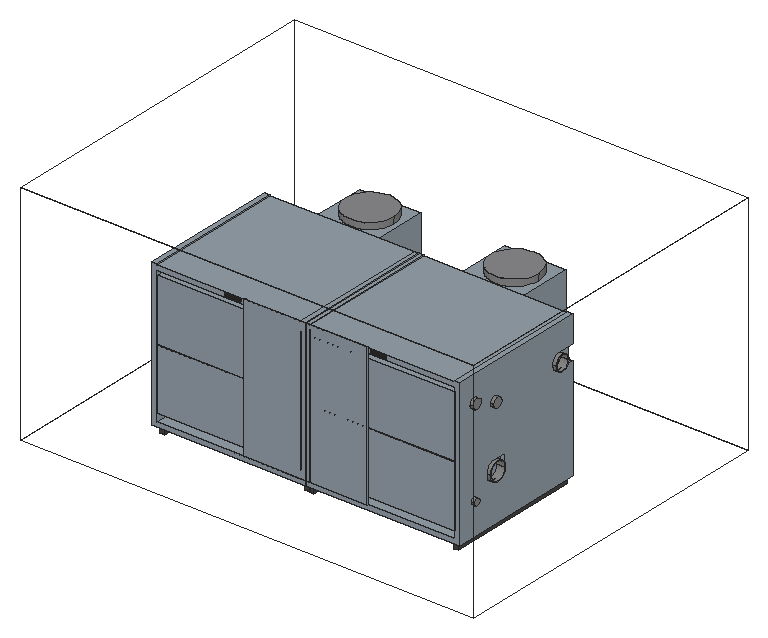
Revit family "Boiler-Weil-McLain-LGB14_20", category Mechanical Equipment, Revit 2019
Family settings
  Round Connector Dimension = Use Radius
  Part Type = Normal
  OmniClass Number = 23.75.10.11.14.11
  OmniClass Title = Cast-Iron Boilers
  Work Plane-Based = No
  Always vertical = Yes
  Cut with Voids When Loaded = No
  Shared = No
  Room Calculation Point = No
Parameters (values of type "LGB-20 - Steam Boiler")
  Width = 8' - 5"
  Voltage = 120 V
  Unit Length = Width / 2  # 4' - 2 1/2"
  URL = "http://www.weil-mclain.com/en/weil-mclain/"
  Supply = 0' 6"  # 6"
  Steam Supply Radius = Supply / 2  # 3"
  Steam Return Radius = Return / 2  # 2 1/2"
  Right Draft Hood Outlet Radius = Right Draft Hood Outlet / 2  # 8"
  Right Draft Hood Outlet = 16"
  Return = 0' 5"  # 5"
  Power Factor = 1
  Radius 2 = 0' - 7"
  Radius 1 = 0' - 7"
  Product Page URL = "http://www.weil-mclain.com/en/weil-mclain/pd-lgb-commercial-gas-boiler/"
  Product Name = "LGB"  # constant formula
  Product Documentation Link = "http://www.weil-mclain.com/en/assets/pdf/lgb_lit.pdf"
  Phase = 1
  Optional WFFP Control Panel = no
  Number of Poles = 1
  Net IBR = 1740000.0 Btu/h
  Model = "LGB-20"
  Middle Panel = 0' - 5 1/2"
  Material = ""
  Manufacturer = "Weil-McLain"  # constant formula
  Length = 3' - 10 1/2"  # constant formula
  Left Draft Hood Outlet Radius = Left Draft Hood Outlet / 2  # 8"
  Left Draft Hood Outlet = 16"
  Height = 4' - 2 3/8"  # constant formula
  Gross IBR = 2001000.0 Btu/h
  Gas Net IBR = 2470000.0 Btu/h
  Gas Connection Size = 2"
  Gas Connection Radius = Gas Connection Size / 2  # 1"
  Frequency = 60 Hz
  Distance Between Vents = 3' - 11 1/2"
  Description = "LGB Commercial Gas Boiler"  # constant formula
  Clearance [instance] = yes
  Casing = Metal - Weil-McLain - Paint Grey
  Boiler Horsepower = 59.8
  Apparent Load = 0 VA
Types (8): name | Width | Unit Length | Right Draft Hood Outlet Radius | Right Draft Hood Outlet | Net IBR | Model | Left Draft Hood Outlet Radius | Left Draft Hood Outlet | Gross IBR | Gas Net IBR | Distance Between Vents | Boiler Horsepower
  LGB-14 - Water Boiler | 5' - 11" | 2' - 11 1/2" | 7" | 14" | 1190000.0 Btu/h | "LGB-14" | 6" | 12" | 1369000.0 Btu/h | 1690000.0 Btu/h | 2' - 8 1/2" | 40.9
  LGB-16 - Water Boiler | 6' - 9" | 3' - 4 1/2" | 7" | 14" | 1373000.0 Btu/h | "LGB-16" | 7" | 14" | 1580000.0 Btu/h | 1950000.0 Btu/h | 3' - 1 1/2" | 47.2
  LGB-18 - Water Boiler | 7' - 7" | 3' - 9 1/2" | 8" | 16" | 1557000.0 Btu/h | "LGB-18" | 8" | 16" | 1790000.0 Btu/h | 2210000.0 Btu/h | 3' - 6" | 53.5
  LGB-20 - Water Boiler | 8' - 5" | 4' - 2 1/2" | 8" | 16" | 1740000.0 Btu/h | "LGB-20" | 8" | 16" | 2001000.0 Btu/h | 2470000.0 Btu/h | 3' - 11 1/2" | 59.8
  LGB-14 - Steam Boiler | 5' - 11" | 2' - 11 1/2" | 7" | 14" | 1190000.0 Btu/h | "LGB-14" | 6" | 12" | 1369000.0 Btu/h | 1690000.0 Btu/h | 2' - 8 1/2" | 40.9
  LGB-16 - Steam Boiler | 6' - 9" | 3' - 4 1/2" | 7" | 14" | 1373000.0 Btu/h | "LGB-16" | 7" | 14" | 1580000.0 Btu/h | 1950000.0 Btu/h | 3' - 1 1/2" | 47.2
  LGB-18 - Steam Boiler | 7' - 7" | 3' - 9 1/2" | 8" | 16" | 1557000.0 Btu/h | "LGB-18" | 7" | 14" | 1790000.0 Btu/h | 2210000.0 Btu/h | 3' - 6" | 53.5
  LGB-20 - Steam Boiler | 8' - 5" | 4' - 2 1/2" | 8" | 16" | 1740000.0 Btu/h | "LGB-20" | 8" | 16" | 2001000.0 Btu/h | 2470000.0 Btu/h | 3' - 11 1/2" | 59.8
Reference planes (in)
  plane 1 "Center (Front/Back)": y = 0
  plane 2: z = 0
  plane 3 "Center (Left/Right)": x = 0
  plane 4 "Back": y = 23.25
  plane 5 "Front": y = -23.25
  plane 6: z = 50.375
  plane 7: z = 2.5
  plane 8: y = 41.25
  plane 9: z = 49.375
  plane 10: y = 32.75
  plane 11: z = 51.375
  plane 12: z = 33.5
  plane 13: z = 6.5
  plane 14: z = 48.75
  plane 15: z = 47.125
  plane 16: y = -17.6875
  plane 17: z = 42.25
  plane 18: z = 13.375
  plane 19: y = -9.25
  plane 20: y = 17.25
  plane 21: z = 18.75
  plane 22: z = 38.9375
  plane 23: z = 33.4375
  plane 24: y = -21.75
  plane 25: y = 22.5
  plane 26: y = 32.75
  plane 27: y = -23.3125
  plane 28: x = -23.75
  plane 29: x = 23.75
  plane 30: x = -50.5
  plane 31: x = 50.5
  plane 32: x = 49
  plane 33: x = 51.875
  plane 34: x = -51.875
  plane 35: x = -49
  plane 36: y = -6.25
  plane 37: y = 19.75
  plane 38: y = 19.75
  plane 39: y = -6.25
Forms (in)
  Extrusion 1, solid, material "Metal - Weil-McLain - Paint Grey" <- "Casing"
    sketch origin (-10.5, 0, 0) x (1, 0, 0) y (0, 1, 0)
      loop
        line (-23.25, 23.25) -> (-3.25, 23.25) -> (-3.25, 41.25) -> (-23.25, 41.25) -> (-23.25, 23.25)
      loop
        line (24.25, 23.25) -> (44.25, 23.25) -> (44.25, 41.25) -> (24.25, 41.25) -> (24.25, 23.25)
    from 33.5 to 49.375
  Extrusion 2, solid, material "Metal - Weil-Mclain - Sheet Metal"
    sketch origin (-12.5589, 0, 0) x (1, 0, 0) y (0, 1, 0)
      loop
        circle (-11.1911, 32.75) r 8
    from 49.375 to 51.375
  Sweep 3, solid, material "Metal - Weil-McLain - Paint Grey" <- "Casing"
    path origin (-10.5, 0, 0) x (1, 0, 0) y (0, 1, 0)
      loop
        line (-14.75, -23.25) -> (-14.75, 23.25)
    profile origin (-25.25, 0, 0) x (-1, 0, 0) y (0, 0, 1)
      loop
        line (25.25, 50.375) -> (23.75, 50.375) -> (23.75, 50.125) -> (-23.75, 50.125) -> (-23.75, 50.375) -> (-25.25, 50.375) -> (-25.25, 2.5) -> (25.25, 2.5) -> (25.25, 50.375)
      loop
        line (-23.75, 4) -> (23.75, 4) -> (23.75, 48.75) -> (-23.75, 48.75) -> (-23.75, 4)
  Extrusion 4, solid, material "Metal - Weil-McLain - Paint Grey" <- "Casing"
    sketch origin (-10.5, 0, 0) x (1, 0, 0) y (0, 0, 1)
      loop
        line (-38.5, 47.125) -> (-38.5, 26.84375) -> (9, 26.84375) -> (9, 47.125) -> (-38.5, 47.125)
      loop
        line (-38.5, 6.5) -> (9, 6.5) -> (9, 26.78125) -> (-38.5, 26.78125) -> (-38.5, 6.5)
    from -23.25 to 23.25
  Extrusion 5, solid, material "Metal - Weil-Mclain - Paint Black"
    sketch origin (-10.5, 0, 0) x (1, 0, 0) y (0, 0, 1)
      loop
        line (-38.5, 2.5) -> (-38.5, 0) -> (-37, 0) -> (-37, 2.5) -> (-38.5, 2.5)
      loop
        line (10.5, 2.5) -> (9, 2.5) -> (9, 0) -> (10.5, 0) -> (10.5, 2.5)
    from -22.5 to 21.75
  Extrusion 6, solid, material "Metal - Weil-Mclain - Sheet Metal"
    sketch origin (22.5, 1.25, 0) x (0, 1, 0) y (0, 0, 1)
      loop
        circle (-18.9375, 13.375) r 1
      loop
        circle (-18.9375, 42.25) r 1.5
      loop
        circle (-10.5, 38.9375) r 1.5
    from 28 to 29.375
  Revolve 7, solid, material "Metal - Weil-Mclain - Sheet Metal"
    sketch origin (22.5, 0, 18.75) x (1, 0, 0) y (0, 1, 0)
      loop
        line (26.5, -6.25) -> (26.5, -6.3125) -> (29.375, -6.3125) -> (29.375, -6.25) -> (26.5, -6.25)
      axis (26.5, -9.25) -> (29.375, -9.25)
    angle from 0 to 360
  Revolve 8, solid, material "Metal - Weil-Mclain - Sheet Metal"
    sketch origin (22.5, 0, 38.9375) x (1, 0, 0) y (0, 1, 0)
      loop
        line (26.5, 19.6875) -> (29.375, 19.6875) -> (29.375, 19.75) -> (26.5, 19.75) -> (26.5, 19.6875)
      axis (26.5, 17.25) -> (29.375, 17.25)
    angle from 0 to 360
  Sweep 9, solid, material "Metal - Weil-McLain - Paint Grey" <- "Casing"
    path origin (10.5, 0, 0) x (1, 0, 0) y (0, 1, 0)
      loop
        line (8.75, -23.25) -> (8.75, 23.25)
    profile origin (19.25, 0, 0) x (-1, 0, 0) y (0, 0, 1)
      loop
        line (19.25, 50.375) -> (17.75, 50.375) -> (17.75, 50.125) -> (-29.75, 50.125) -> (-29.75, 50.375) -> (-31.25, 50.375) -> (-31.25, 2.5) -> (19.25, 2.5) -> (19.25, 50.375)
      loop
        line (-29.75, 4) -> (17.75, 4) -> (17.75, 48.75) -> (-29.75, 48.75) -> (-29.75, 4)
  Extrusion 10, solid, material "Metal - Weil-McLain - Paint Grey" <- "Casing"
    sketch origin (10.5, 0, 0) x (1, 0, 0) y (0, 0, 1)
      loop
        line (-9, 47.125) -> (-9, 26.84375) -> (38.5, 26.84375) -> (38.5, 47.125) -> (-9, 47.125)
      loop
        line (-9, 6.5) -> (38.5, 6.5) -> (38.5, 26.78125) -> (-9, 26.78125) -> (-9, 6.5)
    from -23.25 to 23.25
  Extrusion 11, solid, material "Metal - Weil-Mclain - Sheet Metal"
    sketch origin (10.3161, 0, 0) x (1, 0, 0) y (0, 1, 0)
      loop
        circle (13.4339, 32.75) r 8
    from 49.375 to 51.375
  Sweep 12, solid, material "Metal - Weil-Mclain - Sheet Metal"
    path origin (-24.04431, 0.0785, 5.375) x (1, 0, 0) y (0, 0, 1)
      loop
        line (-26.45569, 36.875) -> (-29.93863, 36.875)
    profile origin (-52.24147, 0.0785, 42.25) x (0, 0, -1) y (0, -1, 0)
      loop
        circle (0, 17.766) r 0.6875
  Extrusion 13, solid, material "Metal - Weil-Mclain - Paint Black"
    sketch origin (10.5, 0, 0) x (1, 0, 0) y (0, 0, 1)
      loop
        line (-10.5, 2.5) -> (-10.5, 0) -> (-9, 0) -> (-9, 2.5) -> (-10.5, 2.5)
      loop
        line (38.5, 2.5) -> (37, 2.5) -> (37, 0) -> (38.5, 0) -> (38.5, 2.5)
    from -22.5 to 21.75
  Extrusion 14, solid, material "Metal - Weil-McLain - Paint Grey" <- "Casing"
    sketch origin (0, 0, 0) x (1, 0, 0) y (0, 0, 1)
      loop
        line (-20.25, 4) -> (20.25, 4) -> (20.25, 50.375) -> (-20.25, 50.375) -> (-20.25, 4)
    from 23.25 to 23.3125
  Extrusion 15, void
    sketch origin (0, 0, 0) x (0, 1, 0) y (0, 0, 1)
      loop
        arc (-9.25, 21.75) -> (-12.25, 18.75) -> (-9.25, 15.75) r 3
        line (-9.25, 15.75) -> (-4.75, 15.75) -> (-4.75, 21.75) -> (-9.25, 21.75)
    from 49 to 50.5
  Extrusion 16, void
    sketch origin (0, 0, 0) x (0, 1, 0) y (0, 0, 1)
      loop
        arc (17.25, 41.4375) -> (14.75, 38.9375) -> (17.25, 36.4375) r 2.5
        line (17.25, 36.4375) -> (23.25, 36.4375) -> (23.25, 41.4375) -> (17.25, 41.4375)
    from 49 to 50.5
  Extrusion 17, void
    sketch origin (0, 0, 0) x (0, 1, 0) y (0, 0, 1)
      loop
        line (23.25, 41.4375) -> (17.25, 41.4375)
        arc (17.25, 41.4375) -> (14.75, 38.9375) -> (17.25, 36.4375) r 2.5
        line (17.25, 36.4375) -> (23.25, 36.4375) -> (23.25, 41.4375)
    from -37.09562 to -29.03915
  Extrusion 18, void
    sketch origin (0, 0, 0) x (0, 1, 0) y (0, 0, 1)
      loop
        line (-4.75, 21.75) -> (-9.25, 21.75)
        arc (-9.25, 21.75) -> (-12.25, 18.75) -> (-9.25, 15.75) r 3
        line (-9.25, 15.75) -> (-4.75, 15.75) -> (-4.75, 21.75)
    from -36.33557 to -24.25088
  Extrusion 19, solid, material "Metal - Weil-Mclain - Sheet Metal"
    sketch origin (0, 0, 0) x (0, 1, 0) y (0, 0, 1)
      loop
        circle (-9.25, 38.9375) r 1.5
      loop
        circle (-17.6875, 13.375) r 1
    from -51.875 to -50.5
  Revolve 20, solid, material "Metal - Weil-Mclain - Sheet Metal"
    sketch origin (-56, 0, 18.75) x (1, 0, 0) y (0, 1, 0)
      loop
        line (4.125, -6.25) -> (4.125, -6.3125) -> (7, -6.3125) -> (7, -6.25) -> (4.125, -6.25)
      axis (4.125, -9.25) -> (7, -9.25)
    angle from 0 to 360
  Revolve 21, solid, material "Metal - Weil-Mclain - Sheet Metal"
    sketch origin (-43.375, 0, 38.9375) x (1, 0, 0) y (0, 1, 0)
      loop
        line (-8.5, 19.6875) -> (-5.625, 19.6875) -> (-5.625, 19.75) -> (-8.5, 19.75) -> (-8.5, 19.6875)
      axis (-8.5, 17.25) -> (-5.625, 17.25)
    angle from 0 to 360
  Extrusion 22, solid, material "Clearances - Weil McLain", visible <- "Clearance"
    sketch origin (26.34044, 5.4235, 2.625) x (1, 0, 0) y (0, 1, 0)
      loop
        line (-100.84044, 59.8265) -> (-100.84044, -52.6735) -> (48.15956, -52.6735) -> (48.15956, 59.8265) -> (-100.84044, 59.8265)
    from -2.625 to 71.75
  Extrusion 23, solid, material "Metal - Weil-Mclain - Paint Black"
    sketch origin (-15, 0, -0.0211) x (1, 0, 0) y (0, 0, 1)
      loop
        line (-11.43467, 49.86051) -> (-11.43467, 48.89674) -> (-6.33285, 48.89674) -> (-6.33285, 49.86051) -> (-11.43467, 49.86051)
    from 23.25 to 23.28125
  Extrusion 24, solid, material "Metal - Weil-Mclain - Paint Black"
    sketch origin (15, 0, -0.0211) x (-1, 0, 0) y (0, 0, -1)
      loop
        line (-11.43467, -49.86051) -> (-6.33285, -49.86051) -> (-6.33285, -48.89674) -> (-11.43467, -48.89674) -> (-11.43467, -49.86051)
    from 23.25 to 23.28125
Cuts and joins
  Extrusion 15, Extrusion 16, Extrusion 17, Extrusion 18 cuts Sweep 3
  Extrusion 15, Extrusion 16, Extrusion 17, Extrusion 18 cuts Sweep 9
  Extrusion 15, Extrusion 16, Extrusion 17, Extrusion 18 cuts Extrusion 10
  Extrusion 16, Extrusion 17 cuts Extrusion 1
Lines and regions (in)
  Masking region 1, visible <- "Optional WFFP Control Panel"
    outline origin (0, 0, 0) x (1, 0, 0) y (0, 1, 0)
      loop
        line (-63.8125, -23.25) -> (-63.8125, -30.8125) -> (-47.1875, -30.8125) -> (-47.1875, -23.25) -> (-63.8125, -23.25)
  Masking region 2
    outline origin (0, 0, 0) x (1, 0, 0) y (0, 1, 0)
      loop
        line (-50.5, 23.25) -> (-50.5, -23.25) -> (50.5, -23.25) -> (50.5, 23.25) -> (-50.5, 23.25)
  Masking region 3
    outline origin (0, 0, 0) x (1, 0, 0) y (0, 1, 0)
      loop
        line (-33.75, 41.25) -> (-33.75, 23.25) -> (-13.75, 23.25) -> (-13.75, 41.25) -> (-33.75, 41.25)
      loop
        line (13.75, 41.25) -> (13.75, 23.25) -> (33.75, 23.25) -> (33.75, 41.25) -> (13.75, 41.25)
  Masking region 4, detail levels fine
    outline origin (0, 0, 0) x (1, 0, 0) y (0, 1, 0)
      loop
        line (-51.875, 20.25) -> (-51.875, 14.25) -> (-50.5, 14.25) -> (-50.5, 20.25) -> (-51.875, 20.25)
      loop
        line (50.5, 20.25) -> (50.5, 14.3125) -> (51.875, 14.3125) -> (51.875, 20.25) -> (50.5, 20.25)
  Masking region 5, detail levels fine
    outline origin (0, 0, 0) x (1, 0, 0) y (0, 1, 0)
      loop
        line (-51.875, -6.75) -> (-51.875, -11.75) -> (-50.5, -11.75) -> (-50.5, -6.75) -> (-51.875, -6.75)
      loop
        line (51.875, -6.75) -> (50.5, -6.75) -> (50.5, -11.75) -> (51.875, -11.75) -> (51.875, -6.75)
      loop
        line (51.875, -16.1875) -> (50.5, -16.1875) -> (50.5, -19.1875) -> (51.875, -19.1875) -> (51.875, -16.1875)
  Masking region 6, detail levels fine
    outline origin (0, 0, 0) x (1, 0, 0) y (0, 1, 0)
      loop
        line (-50.5, -17) -> (-53.98294, -17) -> (-53.98294, -18.375) -> (-50.5, -18.375) -> (-50.5, -17)
  Masking region 7, detail levels medium+fine
    outline origin (0, 0, 0) x (1, 0, 0) y (0, 1, 0)
      loop
        circle (-23.75, 32.75) r 8
      loop
        circle (23.75, 32.75) r 8
  symbolic lines, detail levels medium+fine
    curve 1: line (-49, 23.25, 0) -> (-49, -23.25, 0)
    curve 2: line (49, 23.25, 0) -> (49, -23.25, 0)
    curve 3: line (-1.5, 23.25, 0) -> (-1.5, -23.25, 0)
    curve 4: line (0, 23.25, 0) -> (0, -23.25, 0)
    curve 5: line (1.5, 23.25, 0) -> (1.5, -23.25, 0)
  symbolic lines, style "MechanicalEquipmentHiddenLines", visible <- "Clearance"
    curve 6: line (-74.5, 65.25, 0) -> (74.5, 65.25, 0)
    curve 7: line (-74.5, -47.25, 0) -> (-74.5, 65.25, 0)
    curve 8: line (74.5, -47.25, 0) -> (-74.5, -47.25, 0)
    curve 9: line (74.5, 65.25, 0) -> (74.5, -47.25, 0)
    curve 10: line (-74.5, 0, 74.375) -> (74.5, 0, 74.375)
    curve 11: line (-74.5, 0, 0) -> (-74.5, 0, 74.375)
    curve 12: line (74.5, 0, 0) -> (-74.5, 0, 0)
    curve 13: line (74.5, 0, 74.375) -> (74.5, 0, 0)
    curve 14: line (0, 65.25, 74.375) -> (0, -47.25, 74.375)
    curve 15: line (0, 65.25, 0) -> (0, 65.25, 74.375)
    curve 16: line (0, -47.25, 0) -> (0, 65.25, 0)
    curve 17: line (0, -47.25, 74.375) -> (0, -47.25, 0)
Dimensions and locks (in)
  equal spacing: plane 5 "Front", plane 1 "Center (Front/Back)", plane 4 "Back"
  "Length": plane 5 "Front" to plane 4 "Back"
  "Height": plane 6 to plane 2
  locked: plane 7 to plane 2 at 2.5
  locked: plane 5 "Front" to plane 8 at 64.5
  locked: plane 6 to plane 9 at 1
  locked: plane 5 "Front" to plane 10 at 56
  locked: plane 11 to plane 9 at 2
  locked: plane 12 to plane 7 at 31
  locked: plane 13 to plane 7 at 4
  locked: plane 6 to plane 14 at 1.625
  locked: plane 14 to plane 15 at 1.625
  locked: plane 5 "Front" to plane 16 at 5.5625
  locked: plane 18 to plane 2 at 13.375
  locked: plane 17 to plane 2 at 42.25
  locked: plane 5 "Front" to plane 19 at 14
  locked: plane 5 "Front" to plane 20 at 40.5
  locked: plane 21 to plane 2 at 18.75
  locked: plane 22 to plane 2 at 38.9375
  locked: plane 2 to plane 23 at 33.4375
  locked: plane 25 to plane 4 "Back" at 0.75
  locked: plane 5 "Front" to plane 24 at 1.5
  Sweep 9 sketch curve to Sweep 9 sketch curve to Sweep 9 sketch curve to Sweep 9 sketch curve = 0' - 0 1/4" locked, 0' - 1 3/8" locked, 3' - 8 3/4" locked
  locked: Extrusion 14 sketch curve to plane 7 at 1.5
  plane 27 to plane 5 "Front" = 0' - 0 1/16"
  equal spacing: plane 28, plane 3 "Center (Left/Right)", plane 29
  "Distance Between Vents": plane 28 to plane 29
  "Unit Length": plane 30 to plane 3 "Center (Left/Right)"
  "Width": plane 30 to plane 31
  equal spacing: plane 30, Sweep 3 sketch curve, plane 3 "Center (Left/Right)"
  Sweep 3 sketch curve to Sweep 3 sketch curve to Sweep 3 sketch curve to Sweep 3 sketch curve to plane 7 = 0' - 0 1/4" locked, 0' - 1 3/8" locked, 3' - 8 3/4" locked, 0' - 1 1/2" locked
  locked: Sweep 3 sketch curve to plane 7 at 47.875
  Extrusion 4 sketch curve to Extrusion 4 sketch curve to plane 13 = 0' - 0 1/16" locked, 1' - 8 9/32" locked
  locked: plane 3 "Center (Left/Right)" to Sweep 3 sketch curve at 1.5  (x2)
  locked: plane 30 to Sweep 3 sketch curve at 1.5  (x2)
  locked: Sweep 9 sketch curve to plane 3 "Center (Left/Right)" at 1.5  (x2)
  locked: plane 31 to Sweep 9 sketch curve at 1.5  (x2)
  Extrusion 10 sketch curve to Extrusion 10 sketch curve to plane 13 = 0' - 0 1/16" locked, 1' - 8 9/32" locked
  locked: plane 31 to Extrusion 10 sketch curve at 1.5  (x2)
  locked: Extrusion 10 sketch curve to plane 3 "Center (Left/Right)" at 1.5  (x2)
  locked: plane 30 to Extrusion 4 sketch curve at 1.5  (x2)
  locked: plane 3 "Center (Left/Right)" to Extrusion 4 sketch curve at 1.5  (x2)
  locked: plane 31 to Extrusion 14 sketch curve at 30.25
  locked: plane 30 to Extrusion 14 sketch curve at 30.25
  Extrusion 1 sketch curve to plane 28 to Extrusion 1 sketch curve = 0' - 10" locked, 0' - 10" locked
  Extrusion 1 sketch curve to plane 29 to Extrusion 1 sketch curve = 0' - 10" locked, 0' - 10" locked
  plane 31 to Extrusion 13 sketch curve to Extrusion 13 sketch curve = 0' - 1 1/2" locked, 0' - 1 1/2" locked
  locked: Extrusion 13 sketch curve to plane 3 "Center (Left/Right)" at 1.5
  locked: plane 3 "Center (Left/Right)" to Extrusion 5 sketch curve at 1.5
  plane 30 to Extrusion 5 sketch curve to Extrusion 5 sketch curve = 0' - 1 1/2" locked, 0' - 1 1/2" locked
  locked: plane 4 "Back" to plane 26 at 9.5
  "Gas Connection Radius": plane 16 to Extrusion 6 sketch curve
  locked: Extrusion 6 sketch curve to plane 17 at 1.5
  locked: Extrusion 6 sketch curve to plane 22 at 1.5
  locked: plane 16 to Extrusion 6 sketch curve at 1.5
  locked: plane 19 to Extrusion 6 sketch curve at 1.5
  plane 19 to Extrusion 15 sketch curve to Extrusion 15 sketch curve = 0' - 0" locked, 0' - 4 1/2" locked
  Extrusion 15 sketch curve to plane 21 to Extrusion 15 sketch curve = 0' - 3" locked, 0' - 3" locked
  locked: plane 31 to plane 32 at 1.5
  locked: plane 33 to plane 31 at 1.375
  plane 20 to Revolve 8 = 0' - 2 1/2"
  plane 19 to Revolve 7 = 0' - 3"
  locked: Extrusion 16 sketch curve to plane 4 "Back" at 6
  Extrusion 16 sketch curve to plane 22 to Extrusion 16 sketch curve = 0' - 2 1/2" locked, 0' - 2 1/2" locked
  locked: plane 4 "Back" to Extrusion 17 sketch curve at 6
  Extrusion 17 sketch curve to plane 22 to Extrusion 17 sketch curve = 0' - 2 1/2" locked, 0' - 2 1/2" locked
  Extrusion 18 sketch curve to plane 19 to Extrusion 18 sketch curve = 0' - 4 1/2" locked, 0' - 0" locked
  Extrusion 18 sketch curve to plane 21 to Extrusion 18 sketch curve = 0' - 3" locked, 0' - 3" locked
  locked: Extrusion 19 sketch curve to plane 22 at 1.5
  locked: plane 19 to Extrusion 19 sketch curve at 1.5
  locked: plane 16 to Extrusion 19 sketch curve at 0
  locked: plane 18 to Extrusion 19 sketch curve at 0
  locked: plane 34 to plane 30 at 1.375
  locked: plane 16 to Sweep 12 sketch curve at 0.6875
  locked: plane 17 to Sweep 12 sketch curve at 0.6875
  locked: plane 30 to plane 35 at 1.5
  locked: Masking region 1 sketch curve to plane 5 "Front" at 7.5625
  Masking region 1 sketch curve to plane 30 to Masking region 1 sketch curve = 1' - 1 5/16" locked, 0' - 3 5/16" locked
  Extrusion 4 to plane 3 "Center (Left/Right)" to cut or joined group of Extrusion 10, Extrusion 15, Extrusion 16, Extrusion 17, Extrusion 18 = 0' - 1 1/2" locked, 0' - 1 1/2" locked
  Masking region 3 sketch curve to plane 28 to Masking region 3 sketch curve = 0' - 10" locked, 0' - 10" locked
  Masking region 3 sketch curve to plane 29 to Masking region 3 sketch curve = 0' - 10" locked, 0' - 10" locked
  Masking region 4 sketch curve to plane 20 to Masking region 4 sketch curve = 0' - 3" locked, 0' - 3" locked
  Masking region 4 sketch curve to plane 20 to Masking region 4 sketch curve = 0' - 3" locked, 0' - 2 15/16" locked
  Masking region 5 sketch curve to plane 19 to Masking region 5 sketch curve = 0' - 2 1/2" locked, 0' - 2 1/2" locked  (x2)
  Masking region 5 sketch curve to plane 16 to Masking region 5 sketch curve = 0' - 1 1/2" locked, 0' - 1 1/2" locked
  Masking region 6 sketch curve to plane 16 to Masking region 6 sketch curve = 0' - 0 11/16" locked, 0' - 0 11/16" locked
  locked: plane 8 to Masking region 7 sketch curve at 8.5  (x2)
  locked: plane 10 to Extrusion 2 sketch curve at 0
  locked: plane 26 to Extrusion 11 sketch curve at 0
  locked: Extrusion 22 sketch curve to plane 8 at 24
  locked: plane 5 "Front" to Extrusion 22 sketch curve at 24
  locked: plane 31 to Extrusion 22 sketch curve at 24
  locked: Extrusion 22 sketch curve to plane 30 at 24
  locked: Extrusion 22 to plane 6 at 24
  "Steam Supply Radius": plane 36 to plane 19
  locked: plane 36 to Revolve 7 sketch curve at 0.0625
  "Steam Return Radius": plane 37 to plane 20
  locked: plane 37 to Revolve 8 sketch curve at 0.0625
  "Steam Return Radius": plane 38 to plane 20
  locked: plane 38 to Revolve 21 sketch curve at 0.0625
  "Steam Supply Radius": plane 39 to plane 19
  locked: plane 39 to Revolve 20 sketch curve at 0.0625
  locked: plane 16 to Extrusion 6 sketch curve at 0
  locked: plane 18 to Extrusion 6 sketch curve at 0
  "Gas Connection Radius": plane 16 to Extrusion 19 sketch curve
  locked: Sweep 12 to plane 30 at 3.48294
  plane 6 to Extrusion 23 sketch curve to Extrusion 23 sketch curve = 0' - 0.53559" locked, 0' - 0.96377" locked
  Extrusion 23 sketch curve to plane 28 to Extrusion 23 sketch curve = 0' - 2.41715" locked, 0' - 2.68467" locked
  locked: plane 6 to nested 2 at 1.60317
  locked: plane 6 to nested 3 at 1.60317
  Extrusion 24 sketch curve to Extrusion 24 sketch curve to plane 6 = 0' - 0.96377" locked, 0' - 0.53559" locked
  Extrusion 24 sketch curve to plane 29 to Extrusion 24 sketch curve = 0' - 2.68467" locked, 0' - 2.41715" locked
  locked: curve 7 to plane 30 at 24
  locked: plane 31 to curve 9 at 24
  locked: curve 8 to plane 5 "Front" at 24
  locked: curve 6 to plane 8 at 24
  locked: plane 29 to nested 3 at 2.41904
  locked: curve 11 to plane 30 at 24
  locked: curve 13 to plane 31 at 24
  locked: plane 2 to curve 12 at 0
  locked: curve 10 to plane 11 at 23
  locked: curve 15 to plane 8 at 24
  locked: plane 27 to curve 17 at 23.9375
  locked: plane 2 to curve 16 at 0
  locked: curve 14 to plane 6 at 24
  "Left Draft Hood Outlet Radius": radius of Masking region 7 sketch curve
  "Right Draft Hood Outlet Radius": radius of Masking region 7 sketch curve
  "Left Draft Hood Outlet Radius": radius of Extrusion 2 sketch curve
  "Right Draft Hood Outlet Radius": radius of Extrusion 11 sketch curve
  aligned and locked: plane 2 to level
  aligned and locked: Extrusion 1 sketch curve to plane 4 "Back"  (x2)
  aligned and locked: plane 8 to Extrusion 1 sketch curve
  aligned and locked: plane 9 to Extrusion 1
  aligned and locked: Extrusion 2 to plane 9
  aligned and locked: Sweep 3 sketch curve to plane 7
  aligned and locked: plane 11 to Extrusion 2
  aligned and locked: Extrusion 1 to plane 12
  aligned and locked: Extrusion 5 sketch curve to plane 7
  aligned and locked: plane 7 to Extrusion 5 sketch curve
  aligned and locked: Extrusion 5 sketch curve to plane 2
  aligned and locked: plane 2 to Extrusion 5 sketch curve
  aligned and locked: Extrusion 5 to plane 24
  aligned and locked: plane 25 to Extrusion 5
  aligned and locked: Extrusion 5 to plane 2
  aligned and locked: plane 6 to Extrusion 14 sketch curve
  aligned and locked: Extrusion 14 to plane 5 "Front"
  aligned and locked: Extrusion 14 to plane 27
  aligned and locked: plane 25 to Extrusion 13
  aligned and locked: Extrusion 5 to plane 25
  aligned and locked: plane 24 to Extrusion 5
  aligned and locked: Extrusion 13 to plane 24
  aligned and locked: plane 30 to Sweep 3 sketch curve
  aligned and locked: plane 3 "Center (Left/Right)" to Sweep 3 sketch curve
  aligned and locked: plane 13 to Extrusion 4 sketch curve
  aligned and locked: Extrusion 4 sketch curve to plane 15
  aligned and locked: plane 5 "Front" to Extrusion 4
  aligned and locked: plane 4 "Back" to Extrusion 4
  aligned and locked: plane 3 "Center (Left/Right)" to Extrusion 5 sketch curve
  aligned and locked: Extrusion 10 sketch curve to plane 15
  aligned and locked: plane 13 to Extrusion 10 sketch curve
  aligned and locked: Extrusion 1 sketch curve to plane 8
  aligned and locked: Extrusion 11 to plane 9
  aligned and locked: plane 9 to Extrusion 2
  aligned and locked: plane 11 to Extrusion 11
  aligned and locked: Extrusion 2 to plane 11
  aligned and locked: plane 12 to Extrusion 1  (x5)
  aligned and locked: Extrusion 1 to plane 9  (x4)
  aligned and locked: Extrusion 6 to plane 31  (x2)
  aligned and locked: Extrusion 15 to Revolve 7
  aligned and locked: Extrusion 15 to Extrusion 6
  aligned and locked: plane 33 to Extrusion 6
  aligned and locked: Revolve 8 sketch curve to plane 20
  aligned and locked: Revolve 8 sketch curve to plane 33
  aligned and locked: plane 32 to Revolve 8 sketch curve
  aligned and locked: Revolve 7 sketch curve to plane 19
  aligned and locked: plane 33 to Revolve 7 sketch curve
  aligned and locked: plane 32 to Revolve 7 sketch curve
  aligned and locked: Extrusion 16 sketch curve to plane 4 "Back"
  aligned and locked: Extrusion 16 to Revolve 8
  aligned and locked: plane 31 to Extrusion 16
  aligned and locked: plane 4 "Back" to Extrusion 17 sketch curve
  aligned and locked: Extrusion 19 to plane 30
  aligned and locked: Extrusion 19 to plane 34
  aligned and locked: plane 17 to Sweep 12 sketch curve
  aligned and locked: Revolve 20 sketch curve to plane 19
  aligned and locked: Revolve 21 sketch curve to plane 20
  aligned and locked: plane 34 to Revolve 21 sketch curve
  aligned and locked: plane 35 to Revolve 21 sketch curve
  aligned and locked: plane 34 to Revolve 20 sketch curve
  aligned and locked: Revolve 20 sketch curve to plane 35
  aligned and locked: plane 30 to nested 1
  aligned and locked: plane 15 to nested 1
  aligned and locked: nested 1 to plane 5 "Front"
  aligned and locked: Masking region 1 sketch curve to plane 5 "Front"
  aligned and locked: Masking region 2 sketch curve to plane 31
  aligned and locked: Masking region 2 sketch curve to plane 4 "Back"
  aligned and locked: Masking region 2 sketch curve to plane 30
  aligned and locked: Masking region 2 sketch curve to plane 5 "Front"
  aligned and locked: plane 35 to Extrusion 4
  aligned and locked: plane 32 to cut or joined group of Extrusion 10, Extrusion 15, Extrusion 16, Extrusion 17, Extrusion 18
  aligned and locked: Extrusion 13 to plane 3 "Center (Left/Right)"
  aligned and locked: Masking region 3 sketch curve to plane 8  (x2)
  aligned and locked: plane 4 "Back" to Masking region 3 sketch curve  (x2)
  aligned and locked: Masking region 4 sketch curve to plane 33
  aligned and locked: plane 31 to Masking region 4 sketch curve
  aligned and locked: plane 34 to Masking region 4 sketch curve
  aligned and locked: plane 30 to Masking region 4 sketch curve
  aligned and locked: plane 33 to Masking region 5 sketch curve  (x2)
  aligned and locked: plane 34 to Masking region 5 sketch curve
  aligned and locked: plane 30 to Masking region 5 sketch curve
  aligned and locked: Masking region 5 sketch curve to plane 31  (x2)
  aligned and locked: Masking region 6 sketch curve to plane 30
  aligned and locked: Extrusion 22 to plane 2
  aligned and locked: plane 36 to Revolve 7 sketch curve
  aligned and locked: plane 37 to Revolve 8 sketch curve
  aligned and locked: Revolve 21 sketch curve to plane 38
  aligned and locked: Revolve 20 sketch curve to plane 39
  aligned and locked: plane 28 to nested 2
  aligned and locked: Extrusion 13 to plane 2
  aligned and locked: plane 7 to Extrusion 13  (x2)
Automatic sketch dimensions
  plane 5 "Front" to Sweep 3 sketch curve = 0' - 0"
  Sweep 3 sketch curve to plane 4 "Back" = 0' - 0"
  Revolve 7 sketch curve to plane 32 = 0' - 0"
  plane 33 to Revolve 7 sketch curve = 0' - 0.01461"
  Revolve 8 sketch curve to plane 32 = 0' - 0"
  plane 33 to Revolve 8 sketch curve = 0' - 0.01461"
  Sweep 9 sketch curve to plane 4 "Back" = 0' - 0"
  plane 5 "Front" to Sweep 9 sketch curve = 0' - 0"
  Sweep 9 sketch curve to plane 29 = 0' - 4 1/2"
  Sweep 9 sketch curve to Sweep 9 sketch curve = 0' - 1 1/2"  (x3)
  level to Sweep 9 sketch curve = 0' - 2 1/2"
  Sweep 9 sketch curve to Sweep 9 sketch curve = 0' - 0 1/4"
  plane 30 to Sweep 12 sketch curve = 0' - 0"
  Sweep 12 sketch curve to plane 34 = 0' - 2.10794"
  Sweep 12 sketch curve to profile plane = 0' - 0"
  Extrusion 13 sketch curve to level = 0' - 0"  (x2)
  Extrusion 13 sketch curve to plane 3 "Center (Left/Right)" = 0' - 0"
  plane 7 to Extrusion 13 sketch curve = 0' - 0"  (x2)
  Revolve 20 sketch curve to plane 35 = 0' - 0"
  Revolve 20 sketch curve to plane 34 = 0' - 0.01461"
  Revolve 21 sketch curve to plane 34 = 0' - 0"
  Revolve 21 sketch curve to plane 35 = 0' - 0.01461"
  Masking region 6 sketch curve to plane 34 = 0' - 2.10794"
  plane 5 "Front" to curve 1 = 0' - 0"
  curve 1 to plane 35 = 0' - 0"
  curve 3 to plane 4 "Back" = 0' - 0"
  plane 5 "Front" to curve 3 = 0' - 0"
  curve 4 to plane 3 "Center (Left/Right)" = 0' - 0"
  plane 5 "Front" to curve 5 = 0' - 0"
  curve 5 to plane 4 "Back" = 0' - 0"
  plane 5 "Front" to curve 2 = 0' - 0"
  curve 2 to plane 32 = 0' - 0"
  plane 5 "Front" to curve 4 = 0' - 0"
  curve 2 to plane 4 "Back" = 0' - 0"
  curve 4 to plane 4 "Back" = 0' - 0"
  curve 1 to plane 4 "Back" = 0' - 0"
  curve 3 to curve 4 = 0' - 1 1/2"
  plane 3 "Center (Left/Right)" to curve 5 = 0' - 1 1/2"
  Extrusion 2 sketch curve to plane 28 = 0' - 0"
  Extrusion 6 sketch curve to plane 16 = 0' - 0"
  Extrusion 6 sketch curve to plane 19 = 0' - 0"
  Extrusion 11 sketch curve to plane 29 = 0' - 0"
  Extrusion 19 sketch curve to plane 19 = 0' - 0"
  Masking region 7 sketch curve to plane 28 = 0' - 0"
  Masking region 7 sketch curve to plane 29 = 0' - 0"
Nested families (in)
  nested 1: "Optional Control Panel for CSD-1 for LGB 6-23" at (-55.5, -27.03125, 33.46875), visible <- "Optional WFFP Control Panel", type "Optional Control Panel for CSD-1 for LGB 6-23"
  nested 2: "Logo" at (-26.43467, -23.28125, 48.77183) x (1, 0, 0) z (0, -1, 0), type "Logo"
  nested 3: "Logo" at (21.33096, -23.28125, 48.77183) x (1, 0, 0) z (0, -1, 0), type "Logo"
Connectors (in)
  electrical at (31.375, 23.25, 35.5), driven by "Number of Poles", driven by "Voltage", driven by "Apparent Load", driven by "Power Factor"
    settings: on cut or joined group of Sweep 9, Extrusion 15, Extrusion 16, Extrusion 17, Extrusion 18, index 1, voltage 120 V, apparent load 0 VA, apparent load phase1 0 VA, apparent load phase2 0 VA, apparent load phase3 0 VA, power factor 1, load classification "HVAC", number of poles 1, system type 31, power factor state 1, is connector primary yes, connector utility no, sub classification motor no, connector description "Power Connection"
  piping at (23.75, 32.75, 51.375), diameter 16, driven by "Right Draft Hood Outlet Radius"
    settings: on Extrusion 11, index 2, connector inside diameter 12", connector length 0' - 0", flow factor 0, pipe flow 0 GPM, pressure drop 0.00 psi, fitting loss kfactor 0, connector angle 0.00°, fixture units 0, engagement length 0' - 0", angle of deflection 0.00°, flow configuration 0, flow direction 0, fitting loss method 0, system type 17, joint type 0, gender type 0, connector reference index -1, connector utility 0, adjustable connector no, is connector primary yes, connector description "Draft Hood 1"
  piping at (-23.75, 32.75, 51.375), diameter 16, driven by "Left Draft Hood Outlet Radius"
    settings: on Extrusion 2, index 3, connector inside diameter 12", connector length 0' - 0", flow factor 0, pipe flow 0 GPM, pressure drop 0.00 psi, fitting loss kfactor 0, connector angle 0.00°, fixture units 0, engagement length 0' - 0", angle of deflection 0.00°, flow configuration 0, flow direction 0, fitting loss method 0, system type 17, joint type 0, gender type 0, connector reference index -1, connector utility 0, adjustable connector no, is connector primary no, connector description "Draft Hood 2"
  piping at (-51.875, 17.25, 38.9375), diameter 5, driven by "Steam Return Radius"
    settings: on Revolve 21, index 4, connector inside diameter 5", connector length 0' - 0", flow factor 0, pipe flow 0 GPM, pressure drop 0.00 psi, fitting loss kfactor 0, connector angle 0.00°, fixture units 0, engagement length 0' - 0", angle of deflection 0.00°, flow configuration 0, flow direction 0, fitting loss method 0, system type 19, joint type 0, gender type 0, connector reference index -1, connector utility 0, adjustable connector no, is connector primary no, connector description "Return Left"
  piping at (-51.875, -9.25, 18.75), diameter 6, driven by "Steam Supply Radius"
    settings: on Revolve 20, index 5, connector inside diameter 6", connector length 0' - 0", flow factor 0, pipe flow 0 GPM, pressure drop 0.00 psi, fitting loss kfactor 0, connector angle 0.00°, fixture units 0, engagement length 0' - 0", angle of deflection 0.00°, flow configuration 0, flow direction 0, fitting loss method 0, system type 19, joint type 0, gender type 0, connector reference index -1, connector utility 0, adjustable connector no, is connector primary no, connector description "Supply Left"
  piping at (51.875, -9.25, 18.75), diameter 6, driven by "Steam Supply Radius"
    settings: on Revolve 7, index 6, connector inside diameter 6", connector length 0' - 0", flow factor 0, pipe flow 0 GPM, pressure drop 0.00 psi, fitting loss kfactor 0, connector angle 0.00°, fixture units 0, engagement length 0' - 0", angle of deflection 0.00°, flow configuration 0, flow direction 0, fitting loss method 0, system type 19, joint type 0, gender type 0, connector reference index -1, connector utility 0, adjustable connector no, is connector primary no, connector description "Supply Right"
  piping at (51.875, 17.25, 38.9375), diameter 5, driven by "Steam Return Radius"
    settings: on Revolve 8, index 7, connector inside diameter 5", connector length 0' - 0", flow factor 0, pipe flow 0 GPM, pressure drop 0.00 psi, fitting loss kfactor 0, connector angle 0.00°, fixture units 0, engagement length 0' - 0", angle of deflection 0.00°, flow configuration 0, flow direction 0, fitting loss method 0, system type 19, joint type 0, gender type 0, connector reference index -1, connector utility 0, adjustable connector no, is connector primary no, connector description "Return Right"
  piping at (-53.98294, -17.6875, 42.25), diameter 2, driven by "Gas Connection Radius"
    settings: on Sweep 12, index 8, connector inside diameter 1", connector length 0' - 0", flow factor 0, pipe flow 0 GPM, pressure drop 0.00 psi, fitting loss kfactor 0, connector angle 0.00°, fixture units 0, engagement length 0' - 0", angle of deflection 0.00°, flow configuration 0, flow direction 1, fitting loss method 0, system type 22, joint type 0, gender type 0, connector reference index -1, connector utility 0, adjustable connector no, is connector primary no, connector description "Gas Connection"
Definition of nested family "Optional Control Panel for CSD-1 for LGB 6-23"
  Parameters
    Width = 0' - 7 9/16"  # constant formula
    Plaques = none
    Length = 1' - 4 5/8"  # constant formula
    Key Lock = none
    Height = 1' - 1 1/2"  # constant formula
    Casing = none
    Buttons = none
  Reference planes (in)
    plane 1 "Center (Front/Back)": y = 0
    plane 2: z = 0
    plane 3 "Center (Left/Right)": x = 0
    plane 4 "Left": x = -8.3125
    plane 5 "Right": x = 8.3125
    plane 6 "Back": y = 3.78125
    plane 7 "Front": y = -3.78125
    plane 8: z = 13.65625
    plane 9: x = 4.9375
    plane 10: z = 2.375
    plane 11: x = 4.1875
    plane 12: x = -7.5625
    plane 13: z = 13.8125
    plane 14: z = 0.15625
    plane 15: y = -2.96875
    plane 16: z = 7.09375
    plane 17: x = 3.3125
    plane 18: y = -3.90625
    plane 19: x = 8.0625
    plane 20: x = 5.1875
    plane 21: x = 6.5625
    plane 22: x = 6.6875
    plane 23: y = -3
    plane 24: x = 6.625
    plane 25: x = 7.375
    plane 26: x = 5.875
    plane 27: z = 11.6875
    plane 28: z = 9.9375
    plane 29: z = 8.1875
    plane 30: z = 6.4375
    plane 31: z = 4.70166
    plane 32: z = 2.95166
    plane 33: y = -3.34375
  Forms (in)
    Extrusion 1, solid, material <- "Casing"
      sketch origin (0, 0, 0) x (1, 0, 0) y (0, 1, 0)
        loop
          line (-8.3125, 3.78125) -> (-8.3125, -3.78125) -> (8.3125, -3.78125) -> (8.3125, 3.78125) -> (-8.3125, 3.78125)
      from 0.15625 to 13.65625
    Extrusion 2, void
      sketch origin (0, 0, 0) x (1, 0, 0) y (0, 0, 1)
        loop
          line (5, 13.59375) -> (5, 0.21875) -> (8.25, 0.21875) -> (8.25, 13.59375) -> (5, 13.59375)
      from 2.96875 to 3.78125
    Extrusion 3, void
      sketch origin (0, 0, 0) x (1, 0, 0) y (0, 0, 1)
        loop
          circle (4.1875, 2.375) r 0.125
        loop
          circle (-7.5625, 2.375) r 0.125
      from 2.96875 to 3.78125
    Extrusion 4, solid, material <- "Key Lock"
      sketch origin (0, 0, 0) x (1, 0, 0) y (0, 0, 1)
        loop
          circle (3.3125, 7.09375) r 0.375
      from 3.78125 to 3.90625
    Extrusion 5, solid, material <- "Plaques"
      sketch origin (0, 0, 0) x (1, 0, 0) y (0, 0, 1)
        loop
          line (5.1875, 11.2063) -> (5.1875, 10.5813) -> (6.5625, 10.5813) -> (6.5625, 11.2063) -> (5.1875, 11.2063)
        loop
          line (8.0625, 11.2063) -> (6.6875, 11.2063) -> (6.6875, 10.5813) -> (8.0625, 10.5813) -> (8.0625, 11.2063)
        loop
          line (5.1875, 9.4563) -> (5.1875, 8.8313) -> (6.5625, 8.8313) -> (6.5625, 9.4563) -> (5.1875, 9.4563)
        loop
          line (8.0625, 9.4563) -> (6.6875, 9.4563) -> (6.6875, 8.8313) -> (8.0625, 8.8313) -> (8.0625, 9.4563)
        loop
          line (5.1875, 7.7063) -> (5.1875, 7.0813) -> (6.5625, 7.0813) -> (6.5625, 7.7063) -> (5.1875, 7.7063)
        loop
          line (8.0625, 7.0813) -> (8.0625, 7.7063) -> (6.6875, 7.7063) -> (6.6875, 7.0813) -> (8.0625, 7.0813)
        loop
          line (5.1875, 5.9563) -> (5.1875, 5.3313) -> (8.0625, 5.3313) -> (8.0625, 5.9563) -> (5.1875, 5.9563)
        loop
          line (5.1875, 4.2063) -> (5.1875, 3.5813) -> (6.5625, 3.5813) -> (6.5625, 4.2063) -> (5.1875, 4.2063)
        loop
          line (8.0625, 3.5813) -> (8.0625, 4.2063) -> (6.6875, 4.2063) -> (6.6875, 3.5813) -> (8.0625, 3.5813)
        loop
          line (5.1875, 2.4563) -> (5.1875, 1.8313) -> (8.0625, 1.8313) -> (8.0625, 2.4563) -> (5.1875, 2.4563)
      from 2.96875 to 3
    Extrusion 6, solid, material <- "Buttons"
      sketch origin (0, 0, 0) x (1, 0, 0) y (0, 0, 1)
        loop
          circle (6.625, 12.72206) r 0.25
        loop
          circle (5.875, 11.6875) r 0.125
        loop
          circle (7.375, 11.6875) r 0.25
        loop
          circle (7.375, 9.9375) r 0.25
        loop
          circle (5.87357, 9.93963) r 0.25
        loop
          circle (7.37243, 8.19717) r 0.25
        loop
          circle (5.87612, 8.1875) r 0.25
        loop
          circle (7.37243, 4.70166) r 0.25
        loop
          circle (5.875, 4.70166) r 0.25
        loop
          circle (7.37243, 2.95166) r 0.25
        loop
          circle (7.37243, 6.4375) r 0.25
      from 2.96875 to 3.34375
  Cuts and joins
    Extrusion 2, Extrusion 3 cuts Extrusion 1
  Dimensions and locks (in)
    equal spacing: plane 7 "Front", plane 1 "Center (Front/Back)", plane 6 "Back"
    "Width": plane 7 "Front" to plane 6 "Back"
    equal spacing: plane 4 "Left", plane 3 "Center (Left/Right)", plane 5 "Right"
    "Length": plane 4 "Left" to plane 5 "Right"
    locked: plane 9 to plane 4 "Left" at 13.25
    locked: plane 10 to plane 2 at 2.375
    locked: plane 11 to plane 5 "Right" at 4.125
    locked: plane 12 to plane 5 "Right" at 15.875
    locked: plane 14 to plane 2 at 0.15625
    locked: plane 13 to plane 8 at 0.15625
    "Height": plane 8 to plane 14
    locked: Extrusion 2 sketch curve to plane 9 at 0.0625
    locked: Extrusion 2 sketch curve to plane 5 "Right" at 0.0625
    locked: Extrusion 2 sketch curve to plane 14 at 0.0625
    locked: plane 8 to Extrusion 2 sketch curve at 0.0625
    locked: plane 7 "Front" to plane 15 at 0.8125
    locked: Extrusion 3 sketch curve to plane 11 at 0.125
    locked: Extrusion 3 sketch curve to plane 10 at 0.125  (x2)
    locked: Extrusion 3 sketch curve to plane 12 at 0.125
    locked: plane 16 to plane 14 at 6.9375
    locked: plane 17 to plane 5 "Right" at 5
    locked: Extrusion 4 sketch curve to plane 17 at 0.375
    locked: plane 16 to Extrusion 4 sketch curve at 0.375
    locked: plane 18 to plane 7 "Front" at 0.125
    Extrusion 5 sketch curve to Extrusion 5 sketch curve to Extrusion 5 sketch curve to Extrusion 5 sketch curve to Extrusion 5 sketch curve to Extrusion 5 sketch curve to Extrusion 5 sketch curve to Extrusion 5 sketch curve to Extrusion 5 sketch curve to Extrusion 5 sketch curve to Extrusion 5 sketch curve to Extrusion 5 sketch curve to plane 14 = 0' - 0 5/8" locked, 0' - 1 1/8" locked, 0' - 0 5/8" locked, 0' - 1 1/8" locked, 0' - 0 5/8" locked, 0' - 1 1/8" locked, 0' - 0 5/8" locked, 0' - 1 1/8" locked, 0' - 0 5/8" locked, 0' - 1 1/8" locked, 0' - 0 5/8" locked, 0' - 1.67505" locked
    Extrusion 5 sketch curve to Extrusion 5 sketch curve to Extrusion 5 sketch curve to Extrusion 5 sketch curve to Extrusion 5 sketch curve to Extrusion 5 sketch curve to Extrusion 5 sketch curve to Extrusion 5 sketch curve to plane 14 = 0' - 0 5/8" locked, 0' - 1 1/8" locked, 0' - 0 5/8" locked, 0' - 1 1/8" locked, 0' - 0 5/8" locked, 0' - 2 7/8" locked, 0' - 0 5/8" locked, 0' - 3.42505" locked
    locked: plane 19 to plane 5 "Right" at 0.25
    locked: plane 20 to plane 9 at 0.25
    locked: plane 21 to plane 20 at 1.375
    locked: plane 19 to plane 22 at 1.375
    locked: plane 23 to plane 15 at 0.03125
    equal spacing: plane 5 "Right", plane 24, plane 9
    plane 24 to plane 9 = 0' - 1 11/16"
    plane 5 "Right" to plane 24 = 0' - 1 11/16"
    plane 13 to plane 27 to plane 28 to plane 29 to plane 30 to plane 31 to plane 32 = 0' - 2 1/8" locked, 0' - 1 3/4" locked, 0' - 1 3/4" locked, 0' - 1 3/4" locked, 0' - 1.73584" locked, 0' - 1 3/4" locked
    locked: Extrusion 6 sketch curve to plane 27 at 0.78456
    locked: Extrusion 6 sketch curve to plane 24 at 0.25
    locked: Extrusion 6 sketch curve to plane 26 at 0.125
    locked: Extrusion 6 sketch curve to plane 27 at 0.125
    locked: Extrusion 6 sketch curve to plane 27 at 0.25
    locked: Extrusion 6 sketch curve to plane 25 at 0.25  (x2)
    locked: Extrusion 6 sketch curve to plane 28 at 0.25
    locked: plane 28 to Extrusion 6 sketch curve at 0.24787
    locked: Extrusion 6 sketch curve to plane 26 at 0.24857
    locked: Extrusion 6 sketch curve to plane 29 at 0.25
    locked: Extrusion 6 sketch curve to plane 29 at 0.25967
    locked: Extrusion 6 sketch curve to plane 25 at 0.24743  (x4)
    locked: Extrusion 6 sketch curve to plane 26 at 0.25112
    locked: plane 30 to Extrusion 6 sketch curve at 0.25
    locked: Extrusion 6 sketch curve to plane 26 at 0.25
    locked: Extrusion 6 sketch curve to plane 31 at 0.25  (x2)
    locked: Extrusion 6 sketch curve to plane 32 at 0.25
    locked: plane 33 to plane 15 at 0.375
    aligned and locked: plane 2 to level
    aligned and locked: Extrusion 1 sketch curve to plane 6 "Back"
    aligned and locked: Extrusion 1 sketch curve to plane 7 "Front"
    aligned and locked: plane 5 "Right" to Extrusion 1 sketch curve
    aligned and locked: plane 4 "Left" to Extrusion 1 sketch curve
    aligned and locked: Extrusion 1 to plane 14
    aligned and locked: plane 8 to Extrusion 1
    aligned and locked: cut or joined group of Extrusion 1, Extrusion 2, Extrusion 3 to plane 15
    aligned and locked: plane 7 "Front" to cut or joined group of Extrusion 1, Extrusion 2, Extrusion 3
    aligned and locked: plane 7 "Front" to Extrusion 3
    aligned and locked: Extrusion 2 to Extrusion 3
    aligned and locked: Extrusion 4 to plane 7 "Front"
    aligned and locked: Extrusion 4 to plane 18
    aligned and locked: plane 20 to Extrusion 5 sketch curve  (x6)
    aligned and locked: Extrusion 5 sketch curve to plane 19  (x6)
    aligned and locked: Extrusion 5 sketch curve to plane 21  (x4)
    aligned and locked: Extrusion 5 sketch curve to plane 22  (x4)
    aligned and locked: plane 15 to Extrusion 5
    aligned and locked: Extrusion 5 to plane 23
    aligned and locked: plane 15 to Extrusion 6
    aligned and locked: Extrusion 6 to plane 33
  Automatic sketch dimensions
    Extrusion 3 sketch curve to plane 12 = 0' - 0"
    Extrusion 3 sketch curve to plane 10 = 0' - 0"
    Extrusion 4 sketch curve to plane 17 = 0' - 0"
    Extrusion 6 sketch curve to plane 26 = 0' - 0"
    Extrusion 6 sketch curve to plane 29 = 0' - 0"
    Extrusion 6 sketch curve to plane 32 = 0' - 0"
    Extrusion 6 sketch curve to plane 31 = 0' - 0"
    Extrusion 6 sketch curve to plane 30 = 0' - 0"
    Extrusion 6 sketch curve to plane 25 = 0' - 0"  (x2)
    Extrusion 6 sketch curve to plane 26 = 0' - 0.00143"
    Extrusion 6 sketch curve to plane 24 = 0' - 0"
    Extrusion 6 sketch curve to plane 25 = 0' - 0.00257"
    plane 27 to Extrusion 6 sketch curve = 0' - 0"
Definition of nested family "Logo"
  Parameters
    Logo = none
    Default Elevation = 4' - 0"
  Reference planes (in)
    plane 1 "Center (Front/Back)": y = 0
    plane 2: z = 0
    plane 3 "Center (Left/Right)": x = 0
    plane 4: x = 5
    plane 5: z = 0.03125
  Forms (in)
    Extrusion 1, solid
      sketch origin (0, 0, 0) x (1, 0, 0) y (0, 1, 0)
        loop
          line (-48, 48) -> (-48, -48) -> (48, -48) -> (48, 48) -> (-48, 48)
      from 0 to -12
    Extrusion 2, solid, material <- "Logo"
      sketch origin (0, 0, 0) x (1, 0, 0) y (0, 1, 0)
        loop
          line (0, 1.06758) -> (0, 0.10381) -> (0.94474, 0.10381) -> (0.94474, 1.06758) -> (0, 1.06758)
        loop
          line (0.05208, 1.0155) -> (0.05208, 0.15589) -> (0.89266, 0.15589) -> (0.89266, 1.0155) -> (0.05208, 1.0155)
        loop
          line (0.4634, 0.61947) -> (0.4634, 0.81943) -> (0.38737, 0.81943) -> (0.38737, 0.44008)
          arc (0.38737, 0.44008) -> (0.35554, 0.41899) -> (0.32372, 0.44008) r 0.03455
          line (0.32372, 0.44008) -> (0.32372, 0.81943) -> (0.2487, 0.81943) -> (0.2487, 0.44008)
          arc (0.2487, 0.44008) -> (0.21688, 0.41899) -> (0.18506, 0.44008) r 0.03455
          line (0.18506, 0.44008) -> (0.18506, 0.81943) -> (0.10752, 0.81943) -> (0.10752, 0.39273)
          arc (0.10752, 0.39273) -> (0.19969, 0.32894) -> (0.29185, 0.39273) r 0.09848
          arc (0.29185, 0.39273) -> (0.36882, 0.33001) -> (0.4634, 0.36023) r 0.10422
          line (0.4634, 0.36023) -> (0.4634, 0.53961) -> (0.43206, 0.53961) -> (0.43206, 0.61947) -> (0.4634, 0.61947)
        loop
          line (0.4634, 0.30997) -> (0.55596, 0.30997) -> (0.55596, 0.71164)
          arc (0.55596, 0.71164) -> (0.57268, 0.71966) -> (0.58941, 0.71164) r 0.02145
          line (0.58941, 0.71164) -> (0.58941, 0.30997) -> (0.69629, 0.30997) -> (0.69629, 0.71164)
          arc (0.69629, 0.71164) -> (0.71302, 0.71912) -> (0.72975, 0.71164) r 0.02244
          line (0.72975, 0.71164) -> (0.72975, 0.30997) -> (0.83336, 0.30997) -> (0.83336, 0.76542)
          arc (0.83336, 0.76542) -> (0.74758, 0.84234) -> (0.64223, 0.79569) r 0.10611
          arc (0.64223, 0.79569) -> (0.5627, 0.83395) -> (0.47725, 0.81184) r 0.12842
          line (0.47725, 0.81184) -> (0.47725, 0.84353) -> (0.37445, 0.84353) -> (0.37445, 0.44008)
          arc (0.37445, 0.44008) -> (0.35554, 0.43294) -> (0.33664, 0.44008) r 0.02857
          line (0.33664, 0.44008) -> (0.33664, 0.84353) -> (0.23579, 0.84353) -> (0.23579, 0.44008)
          arc (0.23579, 0.44008) -> (0.21688, 0.43294) -> (0.19798, 0.44008) r 0.02857
          line (0.19798, 0.44008) -> (0.19798, 0.84353) -> (0.09461, 0.84353) -> (0.09461, 0.39273)
          arc (0.09461, 0.39273) -> (0.18085, 0.31161) -> (0.2902, 0.35698) r 0.10902
          arc (0.2902, 0.35698) -> (0.37328, 0.30908) -> (0.4634, 0.34185) r 0.11357
          line (0.4634, 0.34185) -> (0.4634, 0.30997)
        loop
          line (0.4447, 0.60707) -> (0.4447, 0.55481) -> (0.50777, 0.55481) -> (0.50777, 0.60707) -> (0.4447, 0.60707)
        loop
          line (1.0753, 0.86316) -> (1.0753, 0.40208)
          arc (1.0753, 0.40208) -> (1.19737, 0.27446) -> (1.35836, 0.34705) r 0.15291
          arc (1.35836, 0.34705) -> (1.52173, 0.27369) -> (1.64658, 0.40208) r 0.15615
          line (1.64658, 0.40208) -> (1.64658, 0.86316) -> (1.48781, 0.86316) -> (1.48781, 0.4376)
          arc (1.48781, 0.4376) -> (1.46511, 0.41489) -> (1.4424, 0.4376) r 0.02271
          line (1.4424, 0.4376) -> (1.4424, 0.86316) -> (1.28363, 0.86316) -> (1.28363, 0.4376)
          arc (1.28363, 0.4376) -> (1.25885, 0.41282) -> (1.23407, 0.4376) r 0.02478
          line (1.23407, 0.4376) -> (1.23407, 0.86316) -> (1.0753, 0.86316)
        loop
          line (1.69284, 0.26721) -> (1.99512, 0.26721) -> (1.99512, 0.42553) -> (1.86092, 0.42553) -> (1.86092, 0.52036) -> (1.9415, 0.52036) -> (1.9415, 0.65631) -> (1.86092, 0.65631) -> (1.86092, 0.72449) -> (1.99512, 0.72449) -> (1.99512, 0.86316) -> (1.69284, 0.86316) -> (1.69284, 0.26721)
        loop
          line (2.02421, 0.86316) -> (2.02421, 0.26721) -> (2.20173, 0.26721) -> (2.20173, 0.86316) -> (2.02421, 0.86316)
        loop
          line (2.52259, 0.67009) -> (2.52259, 0.53337) -> (2.68467, 0.53337) -> (2.68467, 0.67009) -> (2.52259, 0.67009)
        loop
          line (2.26127, 0.86316) -> (2.26127, 0.26721) -> (2.43327, 0.26721) -> (2.51266, 0.26721) -> (2.51266, 0.41318) -> (2.43327, 0.41318) -> (2.43327, 0.86316) -> (2.26127, 0.86316)
        loop
          line (3.62168, 0.86316) -> (3.62168, 0.26721) -> (3.79368, 0.26721) -> (3.87307, 0.26721) -> (3.87307, 0.41318) -> (3.79368, 0.41318) -> (3.79368, 0.86316) -> (3.62168, 0.86316)
        loop
          line (4.33579, 0.86316) -> (4.33579, 0.26721) -> (4.51331, 0.26721) -> (4.51331, 0.86316) -> (4.33579, 0.86316)
        loop
          line (3.33187, 0.26721) -> (3.33187, 0.7283)
          arc (3.33187, 0.7283) -> (3.2098, 0.85592) -> (3.04881, 0.78332) r 0.15291
          arc (3.04881, 0.78332) -> (2.88544, 0.85669) -> (2.76058, 0.7283) r 0.15615
          line (2.76058, 0.7283) -> (2.76058, 0.26721) -> (2.91936, 0.26721) -> (2.91936, 0.69278)
          arc (2.91936, 0.69278) -> (2.94206, 0.71548) -> (2.96477, 0.69278) r 0.02271
          line (2.96477, 0.69278) -> (2.96477, 0.26721) -> (3.12354, 0.26721) -> (3.12354, 0.69278)
          arc (3.12354, 0.69278) -> (3.14832, 0.71756) -> (3.1731, 0.69278) r 0.02478
          line (3.1731, 0.69278) -> (3.1731, 0.26721) -> (3.33187, 0.26721)
        loop
          line (3.88304, 0.26721) -> (4.05229, 0.26721) -> (4.06421, 0.40348) -> (4.13149, 0.40348) -> (4.15065, 0.26721) -> (4.32492, 0.26721) -> (4.21007, 0.85808) -> (3.99393, 0.85808) -> (3.88304, 0.26721)
        loop
          line (4.08388, 0.63548) -> (4.07369, 0.54492) -> (4.12566, 0.54492) -> (4.11605, 0.63548) -> (4.08388, 0.63548)
        loop
          line (4.56873, 0.26721) -> (4.72409, 0.26721) -> (4.72409, 0.5078) -> (4.83628, 0.26721) -> (5, 0.26721) -> (5, 0.85808) -> (4.82727, 0.85808) -> (4.82727, 0.62722) -> (4.71962, 0.85808) -> (4.56873, 0.85808) -> (4.56873, 0.26721)
        loop
          line (3.54445, 0.62284) -> (3.42278, 0.62284)
          arc (3.42278, 0.62284) -> (3.38222, 0.60604) -> (3.36541, 0.56547) r 0.05737
          line (3.36541, 0.56547) -> (3.36541, 0.32647)
          arc (3.36541, 0.32647) -> (3.38277, 0.28457) -> (3.42467, 0.26721) r 0.05926
          line (3.42467, 0.26721) -> (3.54445, 0.26721) -> (3.54445, 0.3732) -> (3.50791, 0.3732)
          arc (3.50791, 0.3732) -> (3.4865, 0.38207) -> (3.47763, 0.40348) r 0.03028
          line (3.47763, 0.40348) -> (3.47763, 0.50117)
          arc (3.47763, 0.50117) -> (3.48818, 0.52012) -> (3.50852, 0.52765) r 0.03126
          line (3.50852, 0.52765) -> (3.54445, 0.52765) -> (3.54445, 0.62284)
      from 0 to 0.03125
  Dimensions and locks (in)
    locked: plane 3 "Center (Left/Right)" to plane 4 at 5
    locked: plane 2 to plane 5 at 0.03125
    aligned and locked: plane 2 to Extrusion 1
    aligned and locked: level to Extrusion 1
    aligned and locked: plane 5 to Extrusion 2
